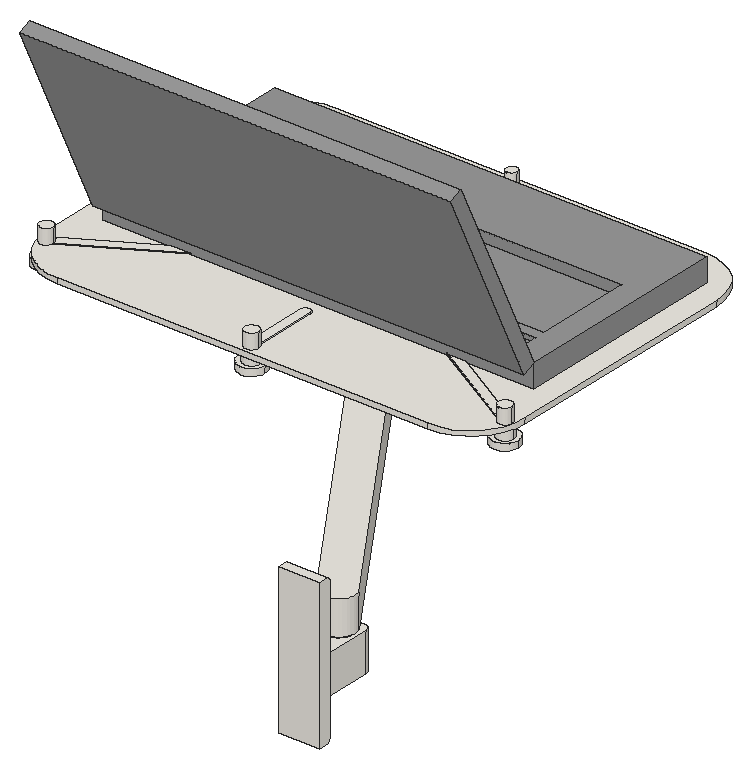
Revit family "Midmark - Laptop and Tray for Wall Mount X-Ray", category Specialty Equipment, Revit 2017
Family settings
  Round Connector Dimension = Use Diameter
  Part Type = Normal
  Work Plane-Based = No
  Always vertical = Yes
  Cut with Voids When Loaded = No
  Shared = No
  Room Calculation Point = No
Parameters (values of type "Laptop and Tray")
  Type Comments = "Laptop Tray for Wall Mount X-Ray"
  Tray Width = 1' - 5 3/4"
  Tray Legth = 1' - 0 7/8"
  Tray Height = 0' - 0.19"
  Model = "ASAW-GT & 30-08180"
  Tray Material = Midmark - White
  Manufacturer = "Midmark"
  Laptop [instance] = yes
  Keynote = ""
  Height = 2' - 7"
  Frame Material = Midmark - White
  Extended Arm = yes
  Description = ""
  Allowance = ""
Reference planes (in)
  plane 1 "Center (Front/Back)": y = 0
  plane 2: z = 0
  plane 3 "Center (Left/Right)": x = 0
  plane 4: z = 2
  plane 5: z = 5
  plane 6: z = 30.81
  plane 7: z = 31
  plane 8: x = -8.875
  plane 9: y = 6.4375
  plane 10: x = 8.875
  plane 11: y = -6.4375
Forms (in)
  Extrusion 1, solid, material "Midmark - White" <- "Tray Material"
    sketch origin (0, 0, 0) x (1, 0, 0) y (0, 1, 0)
      loop
        arc (-6.875, 6.4375) -> (-8.28921, 5.85171) -> (-8.875, 4.4375) r 2
        line (-8.875, 4.4375) -> (-8.875, -4.4375)
        arc (-8.875, -4.4375) -> (-8.28921, -5.85171) -> (-6.875, -6.4375) r 2
        line (-6.875, -6.4375) -> (6.875, -6.4375)
        arc (6.875, -6.4375) -> (8.28921, -5.85171) -> (8.875, -4.4375) r 2
        line (8.875, -4.4375) -> (8.875, 4.4375)
        arc (8.875, 4.4375) -> (8.28921, 5.85171) -> (6.875, 6.4375) r 2
        line (6.875, 6.4375) -> (-6.875, 6.4375)
      loop
        arc (-8.375, -4.4375) -> (-7.93566, -5.49816) -> (-6.875, -5.9375) r 1.5
        line (-6.875, -5.9375) -> (6.875, -5.9375)
        arc (6.875, -5.9375) -> (7.93566, -5.49816) -> (8.375, -4.4375) r 1.5
        line (8.375, -4.4375) -> (8.375, 4.4375)
        arc (8.375, 4.4375) -> (7.93566, 5.49816) -> (6.875, 5.9375) r 1.5
        line (6.875, 5.9375) -> (-6.875, 5.9375)
        arc (-6.875, 5.9375) -> (-7.93566, 5.49816) -> (-8.375, 4.4375) r 1.5
        line (-8.375, 4.4375) -> (-8.375, -4.4375)
    from 30.81 to 31
  Extrusion 2, solid, material "Midmark - White" <- "Tray Material"
    sketch origin (0, 0, 0) x (1, 0, 0) y (0, 1, 0)
      loop
        arc (-6.875, 5.9375) -> (-7.93566, 5.49816) -> (-8.375, 4.4375) r 1.5
        line (-8.375, 4.4375) -> (-8.375, -4.4375)
        arc (-8.375, -4.4375) -> (-7.93566, -5.49816) -> (-6.875, -5.9375) r 1.5
        line (-6.875, -5.9375) -> (6.875, -5.9375)
        arc (6.875, -5.9375) -> (7.93566, -5.49816) -> (8.375, -4.4375) r 1.5
        line (8.375, -4.4375) -> (8.375, 4.4375)
        arc (8.375, 4.4375) -> (7.93566, 5.49816) -> (6.875, 5.9375) r 1.5
        line (6.875, 5.9375) -> (-6.875, 5.9375)
    from 30.81 to 31
  Extrusion 3, solid, material "Midmark - White" <- "Tray Material"
    sketch origin (0, 0, 0) x (1, 0, 0) y (0, 1, 0)
      loop
        circle (8.50168, -4.9083) r 0.25
      loop
        circle (0.001, 6.03055) r 0.19844
      loop
        circle (0.0026, -6.0293) r 0.25
      loop
        circle (-8.50392, -4.9095) r 0.25
    from 31 to 31.531
  Extrusion 4, solid, material "Midmark - White" <- "Tray Material"
    sketch origin (0, 0, 0) x (1, 0, 0) y (0, 1, 0)
      loop
        circle (0.00233, -6.02929) r 0.5
      loop
        circle (-8.50159, -4.91327) r 0.5
      loop
        circle (0.00808, 6.03385) r 0.5
      loop
        circle (8.49207, -4.90318) r 0.5
    from 30.25 to 30.5
  Extrusion 5, solid, material "Midmark - White" <- "Tray Material"
    sketch origin (0, 0, 0) x (1, 0, 0) y (0, 1, 0)
      loop
        circle (0.00138, -6.0308) r 0.31378
      loop
        circle (-8.50323, -4.90523) r 0.31378
      loop
        circle (-0.00294, 6.03525) r 0.31378
      loop
        circle (8.50879, -4.91049) r 0.31378
    from 30.5 to 30.81
  Extrusion 6, solid, material "Midmark - White" <- "Tray Material"
    sketch origin (0, 0, 0) x (1, 0, 0) y (0, 1, 0)
      loop
        line (-8.26048, -4.96766) -> (-4.41406, -2.74692)
        arc (-4.41406, -2.74692) -> (-4.35115, -2.51214) -> (-4.58594, -2.44923) r 0.17187
        line (-4.58594, -2.44923) -> (-8.43236, -4.66996)
        arc (-8.43236, -4.66996) -> (-8.28563, -4.78371) -> (-8.26048, -4.96766) r 0.24551
    from 31 to 31.04459
  Extrusion 7, solid, material "Midmark - White" <- "Tray Material"
    sketch origin (0, 0, 0) x (-1, 0, 0) y (0, -1, 0)
      loop
        arc (-8.26048, 4.96766) -> (-8.28563, 4.78371) -> (-8.43236, 4.66996) r 0.24551
        line (-8.43236, 4.66996) -> (-4.58594, 2.44923)
        arc (-4.58594, 2.44923) -> (-4.35115, 2.51214) -> (-4.41406, 2.74692) r 0.17187
        line (-4.41406, 2.74692) -> (-8.26048, 4.96766)
    from 31 to 31.04459
  Extrusion 8, solid, material "Midmark - White" <- "Tray Material"
    sketch origin (0, 0, 0) x (1, 0, 0) y (0, 1, 0)
      loop
        line (0.17188, -5.85025) -> (0.17188, -3.53125)
        arc (0.17188, -3.53125) -> (0, -3.35938) -> (-0.17187, -3.53125) r 0.17188
        line (-0.17187, -3.53125) -> (-0.17187, -5.85025)
        arc (-0.17187, -5.85025) -> (0, -5.77801) -> (0.17188, -5.85025) r 0.24059
    from 31 to 31.04297
  Extrusion 9, solid, material "Midmark - White" <- "Tray Material"
    sketch origin (0, 0, 0) x (1, 0, 0) y (0, 1, 0)
      loop
        arc (0.17188, 5.85025) -> (0, 5.77801) -> (-0.17187, 5.85025) r 0.24059
        line (-0.17187, 5.85025) -> (-0.17187, 3.53125)
        arc (-0.17187, 3.53125) -> (0, 3.35938) -> (0.17188, 3.53125) r 0.17188
        line (0.17188, 3.53125) -> (0.17188, 5.85025)
    from 31 to 31.04297
  Extrusion 10, void
    sketch origin (0, 0, 0) x (1, 0, 0) y (0, 1, 0)
      loop
        circle (0, 0.5933) r 0.2015
      loop
        circle (0, -0.59432) r 0.2015
      loop
        circle (-0.59453, 0.00004) r 0.2015
      loop
        circle (0.59623, 0.00319) r 0.2015
    from 30.95979 to 31
  Extrusion 11, solid, material "Midmark - White" <- "Frame Material"
    sketch origin (0, 0, 0) x (1, 0, 0) y (0, 1, 0)
      loop
        line (-0.3048, 0.75586) -> (-0.75697, 0.30369)
        arc (-0.75697, 0.30369) -> (-0.57654, -0.57654) -> (0.30369, -0.75697) r 0.81579
        line (0.30369, -0.75697) -> (0.75586, -0.3048)
        arc (0.75586, -0.3048) -> (0.57595, 0.57595) -> (-0.3048, 0.75586) r 0.81531
    from 30.228 to 30.81
  Extrusion 12, solid, material "Midmark - White" <- "Frame Material"
    sketch origin (0, 0, 0) x (1, 0, 0) y (0, 1, 0)
      loop
        circle (0.00289, -0.0007) r 0.61308
    from 28.5238 to 28.7559
  Extrusion 13, solid, material "Midmark - White" <- "Frame Material"
    sketch origin (-0.00121, 0.00378, 0) x (1, 0, 0) y (0, 1, 0)
      loop
        circle (0.00289, -0.0007) r 0.5
    from 30.0059 to 30.228
  Extrusion 14, solid, material "Midmark - White" <- "Frame Material"
    sketch origin (0, 0, 0) x (1, 0, 0) y (0, 1, 0)
      loop
        arc (0.41835, 0.49475) -> (-0.35544, 0.51717) -> (-0.61181, -0.21326) r 0.65598
        line (-0.61181, -0.21326) -> (9.42296, -14.81394)
        arc (9.42296, -14.81394) -> (10.19666, -14.83624) -> (10.45312, -14.10593) r 0.65605
        line (10.45312, -14.10593) -> (0.41835, 0.49475)
    from 28.7559 to 30.0059
  Extrusion 15, solid, material "Midmark - White" <- "Frame Material"
    sketch origin (0, 0, 0) x (1, 0, 0) y (0, 1, 0)
      loop
        line (9.12131, -15.63119) -> (10.56131, -15.63119) -> (10.56131, -13.94369)
        arc (10.56131, -13.94369) -> (10.47857, -13.74393) -> (10.27881, -13.66119) r 0.2825
        line (10.27881, -13.66119) -> (9.40381, -13.66119)
        arc (9.40381, -13.66119) -> (9.20405, -13.74393) -> (9.12131, -13.94369) r 0.2825
        line (9.12131, -13.94369) -> (9.12131, -15.63119)
    from 27.2589 to 28.6939
  Extrusion 16, solid, material "Midmark - White" <- "Frame Material"
    sketch origin (0, 0, 0) x (1, 0, 0) y (0, 1, 0)
      loop
        circle (9.83682, -14.321) r 0.56262
    from 28.6939 to 28.7559
  Extrusion 17, solid, material "Midmark - White" <- "Frame Material"
    sketch origin (0, 0, 0) x (0, 1, 0) y (0, 0, 1)
      loop
        line (-15.63119, 25.8839) -> (-15.63119, 31.1339) -> (-15.75619, 31.2589) -> (-16.13119, 31.2589) -> (-16.13119, 25.7589) -> (-15.75619, 25.7589) -> (-15.63119, 25.8839)
    from 9.09131 to 10.59131
  Extrusion 18, solid, material "Midmark - White" <- "Frame Material"
    sketch origin (0, 0, 0) x (1, 0, 0) y (0, 1, 0)
      loop
        circle (9.83484, -14.32919) r 0.38439
    from 27.1449 to 27.2589
Cuts and joins
  joined: Extrusion 1, Extrusion 2
Dimensions and locks (in)
  plane 5 to plane 4 to level = 0' - 3", 0' - 2"
  "Tray Height": plane 7 to plane 6
  "Height": plane 7 to level
  equal spacing: plane 8, plane 3 "Center (Left/Right)", plane 10
  equal spacing: plane 11, plane 1 "Center (Front/Back)", plane 9
  "Tray Width": plane 8 to plane 10
  "Tray Legth": plane 9 to plane 11
  Extrusion 6 to cut or joined group of Extrusion 1, Extrusion 2 = 0' - 0.04459"
  aligned and locked: plane 2 to level
  aligned and locked: Extrusion 1 sketch curve to plane 9
  aligned and locked: plane 8 to Extrusion 1 sketch curve
  aligned and locked: Extrusion 1 sketch curve to plane 11
  aligned and locked: Extrusion 1 sketch curve to plane 10
  aligned and locked: plane 6 to Extrusion 1
  aligned and locked: Extrusion 1 to plane 7
  aligned and locked: plane 6 to Extrusion 2
Automatic sketch dimensions
  Extrusion 1 sketch curve to Extrusion 1 sketch curve = 0' - 0"  (x8)
  Extrusion 1 sketch curve to Extrusion 1 sketch curve = 0' - 0 1/2"
  Extrusion 1 sketch curve to Extrusion 1 sketch curve = 0' - 1 1/2"  (x3)
  Extrusion 1 sketch curve to plane 10 = 0' - 2"
  plane 8 to Extrusion 2 sketch curve = 0' - 0 1/2"
  Extrusion 2 sketch curve to Extrusion 2 sketch curve = 0' - 1 1/2"  (x2)
  Extrusion 2 sketch curve to plane 11 = 0' - 0 1/2"
  Extrusion 2 sketch curve to plane 10 = 0' - 2"  (x2)
  Extrusion 2 sketch curve to plane 9 = 0' - 0 1/2"
  Extrusion 2 sketch curve to plane 10 = 0' - 0 1/2"
  plane 8 to Extrusion 3 sketch curve = 0' - 0 95/256"
  plane 3 "Center (Left/Right)" to Extrusion 3 sketch curve = 0' - 0.001"
  plane 3 "Center (Left/Right)" to Extrusion 3 sketch curve = 0' - 0.0026"
  Extrusion 3 sketch curve to plane 10 = 0' - 0.37332"
  Extrusion 3 sketch curve to plane 11 = 0' - 0.4082"
  Extrusion 3 sketch curve to plane 11 = 0' - 1.528"
  Extrusion 3 sketch curve to plane 11 = 0' - 1.5292"
  Extrusion 3 sketch curve to plane 9 = 0' - 0.40695"
  plane 8 to Extrusion 4 sketch curve = 0' - 0.37341"
  plane 3 "Center (Left/Right)" to Extrusion 4 sketch curve = 0' - 0.00233"
  plane 3 "Center (Left/Right)" to Extrusion 4 sketch curve = 0' - 0.00808"
  Extrusion 4 sketch curve to plane 10 = 0' - 0.38293"
  Extrusion 4 sketch curve to plane 11 = 0' - 0.40821"
  Extrusion 4 sketch curve to plane 11 = 0' - 1.52423"
  Extrusion 4 sketch curve to plane 11 = 0' - 1.53432"
  Extrusion 4 sketch curve to plane 9 = 0' - 0.40365"
  plane 8 to Extrusion 5 sketch curve = 0' - 0.37177"
  Extrusion 5 sketch curve to plane 3 "Center (Left/Right)" = 0' - 0.00294"
  plane 3 "Center (Left/Right)" to Extrusion 5 sketch curve = 0' - 0.00138"
  Extrusion 5 sketch curve to plane 10 = 0' - 0.36621"
  Extrusion 5 sketch curve to plane 11 = 0' - 0.4067"
  Extrusion 5 sketch curve to plane 11 = 0' - 1.52701"
  Extrusion 5 sketch curve to plane 11 = 0' - 1.53227"
  Extrusion 5 sketch curve to plane 9 = 0' - 0.40225"
  plane 8 to Extrusion 6 sketch curve = 0' - 0.37675"
  Extrusion 6 sketch curve to Extrusion 6 sketch curve = 0' - 0.06589"
  Extrusion 6 sketch curve to Extrusion 6 sketch curve = 0' - 0.23776"
  plane 8 to Extrusion 6 sketch curve = 0' - 4 37/128"
  Extrusion 6 sketch curve to Extrusion 6 sketch curve = 0' - 0 11/128"  (x2)
  plane 1 "Center (Front/Back)" to Extrusion 6 sketch curve = 0' - 2.74692"
  Extrusion 6 sketch curve to plane 11 = 0' - 1.76754"
  Extrusion 6 sketch curve to Extrusion 6 sketch curve = 0' - 0.2365"
  Extrusion 6 sketch curve to Extrusion 6 sketch curve = 0' - 0.14885"
  plane 10 to Extrusion 7 sketch curve = 0' - 0.37675"
  Extrusion 7 sketch curve to Extrusion 7 sketch curve = 0' - 0.06589"
  Extrusion 7 sketch curve to Extrusion 7 sketch curve = 0' - 0.23776"
  plane 10 to Extrusion 7 sketch curve = 0' - 4 37/128"
  Extrusion 7 sketch curve to Extrusion 7 sketch curve = 0' - 0 11/128"  (x2)
  Extrusion 7 sketch curve to plane 1 "Center (Front/Back)" = 0' - 2.74692"
  plane 11 to Extrusion 7 sketch curve = 0' - 1.76754"
  Extrusion 7 sketch curve to Extrusion 7 sketch curve = 0' - 0.2365"
  Extrusion 7 sketch curve to Extrusion 7 sketch curve = 0' - 0.14885"
  Extrusion 8 sketch curve to plane 3 "Center (Left/Right)" = 0' - 0"  (x2)
  Extrusion 8 sketch curve to plane 3 "Center (Left/Right)" = 0' - 0 11/64"
  Extrusion 8 sketch curve to plane 11 = 0' - 0.4189"
  Extrusion 8 sketch curve to Extrusion 8 sketch curve = 0' - 0.16835"
  Extrusion 8 sketch curve to Extrusion 8 sketch curve = 0' - 2.319"
  Extrusion 9 sketch curve to plane 3 "Center (Left/Right)" = 0' - 0"  (x2)
  plane 3 "Center (Left/Right)" to Extrusion 9 sketch curve = 0' - 0 11/64"
  plane 9 to Extrusion 9 sketch curve = 0' - 0.4189"
  Extrusion 9 sketch curve to Extrusion 9 sketch curve = 0' - 0.16835"
  Extrusion 9 sketch curve to Extrusion 9 sketch curve = 0' - 2.319"
  Extrusion 10 sketch curve to plane 3 "Center (Left/Right)" = 0' - 0"  (x2)
  Extrusion 10 sketch curve to plane 1 "Center (Front/Back)" = 0' - 0.00004"
  Extrusion 10 sketch curve to plane 3 "Center (Left/Right)" = 0' - 0.59453"
  Extrusion 10 sketch curve to plane 1 "Center (Front/Back)" = 0' - 0.00319"
  plane 3 "Center (Left/Right)" to Extrusion 10 sketch curve = 0' - 0.59623"
  plane 1 "Center (Front/Back)" to Extrusion 10 sketch curve = 0' - 0.59432"
  Extrusion 10 sketch curve to plane 1 "Center (Front/Back)" = 0' - 0.5933"
  Extrusion 11 sketch curve to plane 3 "Center (Left/Right)" = 0' - 0.00056"
  plane 3 "Center (Left/Right)" to Extrusion 11 sketch curve = 0' - 0.0003"
  plane 3 "Center (Left/Right)" to Extrusion 11 sketch curve = 0' - 0.30369"
  plane 1 "Center (Front/Back)" to Extrusion 11 sketch curve = 0' - 0.3048"
  Extrusion 11 sketch curve to Extrusion 11 sketch curve = 0' - 0.45217"  (x2)
  plane 1 "Center (Front/Back)" to Extrusion 11 sketch curve = 0' - 0.00056"
  Extrusion 11 sketch curve to plane 1 "Center (Front/Back)" = 0' - 0.0003"
  Extrusion 11 sketch curve to plane 3 "Center (Left/Right)" = 0' - 0.3048"
  Extrusion 11 sketch curve to plane 1 "Center (Front/Back)" = 0' - 0.30369"
  plane 1 "Center (Front/Back)" to Extrusion 12 sketch curve = 0' - 0.0007"
  plane 3 "Center (Left/Right)" to Extrusion 12 sketch curve = 0' - 0.00289"
  plane 3 "Center (Left/Right)" to Extrusion 13 sketch curve = 0' - 0.00168"
  Extrusion 13 sketch curve to plane 1 "Center (Front/Back)" = 0' - 0.00309"
  plane 1 "Center (Front/Back)" to Extrusion 14 sketch curve = 0' - 0.21326"
  Extrusion 14 sketch curve to plane 3 "Center (Left/Right)" = 0' - 0.61181"
  plane 3 "Center (Left/Right)" to Extrusion 14 sketch curve = 0' - 0.01611"
  plane 10 to Extrusion 14 sketch curve = 0' - 0.54796"
  Extrusion 14 sketch curve to Extrusion 14 sketch curve = 0' - 0.40211"
  plane 11 to Extrusion 14 sketch curve = 0' - 7.85807"
  Extrusion 14 sketch curve to Extrusion 14 sketch curve = 0' - 0.51837"
  plane 1 "Center (Front/Back)" to Extrusion 14 sketch curve = 0' - 0 3/128"
  plane 3 "Center (Left/Right)" to Extrusion 14 sketch curve = 0' - 0.41835"
  Extrusion 14 sketch curve to Extrusion 14 sketch curve = 0' - 0.62805"
  plane 10 to Extrusion 15 sketch curve = 0' - 0.24631"
  Extrusion 15 sketch curve to Extrusion 15 sketch curve = 0' - 0.2825"  (x2)
  Extrusion 15 sketch curve to Extrusion 15 sketch curve = 0' - 0 7/8"
  plane 11 to Extrusion 15 sketch curve = 0' - 7.50619"
  Extrusion 15 sketch curve to Extrusion 15 sketch curve = 0' - 1 11/16"
  plane 10 to Extrusion 16 sketch curve = 0' - 0.96182"
  plane 11 to Extrusion 16 sketch curve = 0' - 7.8835"
  Extrusion 17 sketch curve to plane 7 = 0' - 0.2589"
  plane 11 to Extrusion 17 sketch curve = 0' - 9.69369"
  Extrusion 17 sketch curve to Extrusion 17 sketch curve = 0' - 0 3/8"
  Extrusion 17 sketch curve to Extrusion 17 sketch curve = 0' - 0 1/8"  (x3)
  Extrusion 17 sketch curve to plane 7 = 0' - 0.1339"
  plane 6 to Extrusion 17 sketch curve = 0' - 5.0511"
  plane 10 to Extrusion 18 sketch curve = 0' - 0.95984"
  plane 11 to Extrusion 18 sketch curve = 0' - 7.89169"
  radius of Extrusion 3 sketch curve = 0' - 0 1/4"  (x3)
  radius of Extrusion 3 sketch curve = 0' - 0.19844"
  radius of Extrusion 4 sketch curve = 0' - 0 1/2"  (x4)
  radius of Extrusion 5 sketch curve = 0' - 0.31378"  (x4)
  radius of Extrusion 10 sketch curve = 0' - 0.2015"  (x4)
  radius of Extrusion 12 sketch curve = 0' - 0.61308"
  radius of Extrusion 13 sketch curve = 0' - 0 1/2"
  radius of Extrusion 16 sketch curve = 0' - 0.56262"
  radius of Extrusion 18 sketch curve = 0' - 0.38439"
Nested families (in)
  nested 1: "Midmark - Laptop for Digital Dental X-Ray" at (-6.75915, -2.93459, -5), visible <- "Laptop", type "Standard"
    with Desk Height 3' - 0"
Definition of nested family "Midmark - Laptop for Digital Dental X-Ray"
  Parameters (values of type "Standard")
    Type Comments = "Laptop"
    Model = "30-08180"
    Manufacturer Phone = ""
    Manufacturer Address = ""
    Manufacturer = "Midmark"
    Desk Height [instance] = 3' - 0"
    Description = ""
    Computer Keyboard Material = none
    Allowance = ""
  Reference planes (in)
    plane 1 "Center (Front/Back)": y = 0
    plane 2: z = 0
    plane 3 "Center (Left/Right)": x = 0
    plane 4 "right": x = 14.75175
    plane 5: x = -1.24115
    plane 6: y = 8
    plane 7 "desk": z = 36
  Forms (in)
    Extrusion 1, solid, material <- "Computer Keyboard Material"
      sketch origin (0, 1.18875, -36) x (0, 1, 0) y (0, 0, 1)
        loop
          line (6.81125, 72.86494) -> (-1.18875, 72.86494) -> (-1.18875, 72) -> (6.81125, 72) -> (6.81125, 72.86494)
      from -1.24115 to 14.75175
    Extrusion 2, void
      sketch origin (0, 0, 36) x (-1, 0, 0) y (0, -1, 0)
        loop
          line (-4.63365, -5.17744) -> (-4.63365, -1.5595) -> (-13.88365, -1.5595) -> (-13.88365, -5.17744) -> (-4.63365, -5.17744)
      from 0.48252 to 1.38985
    Extrusion 3, void
      sketch origin (0, 0, 36) x (-1, 0, 0) y (0, -1, 0)
        loop
          line (-2.44615, -1.18875) -> (-2.44615, -0.52654) -> (-13.88365, -0.52654) -> (-13.88365, -1.18875) -> (-2.44615, -1.18875)
      from 0.71155 to 1.38985
    Extrusion 4, void
      sketch origin (0, 0, 36) x (-1, 0, 0) y (0, -1, 0)
        loop
          line (-2.44615, -5.17744) -> (-2.44615, -1.5595) -> (-4.19615, -1.5595) -> (-4.19615, -5.17744) -> (-2.44615, -5.17744)
      from 0.48252 to 1.38985
    Extrusion 5, void
      sketch origin (0, 0, 36) x (-1, 0, 0) y (0, -1, 0)
        loop
          line (0.36635, -5.17744) -> (0.36635, -1.5595) -> (-2.00865, -1.5595) -> (-2.00865, -5.17744) -> (0.36635, -5.17744)
      from 0.48252 to 1.38985
    Extrusion 6, solid
      sketch origin (0, 0, 0) x (0, 1, 0) y (0, 0, 1)
        loop
          line (0, 36.86494) -> (-3.38095, 44.1154) -> (-3.8341, 43.90409) -> (-0.45315, 36.65363) -> (0, 36.86494)
      from -1.24115 to 14.75175
  Cuts and joins
    Extrusion 2, Extrusion 3, Extrusion 4, Extrusion 5 cuts Extrusion 1
  Dimensions and locks (in)
    "Desk Height": plane 7 "desk" to level
    plane 5 to plane 4 "right" = 1' - 3.9929"
    plane 6 to plane 1 "Center (Front/Back)" = 0' - 8"
    plane 1 "Center (Front/Back)" to cut or joined group of Extrusion 1, Extrusion 2, Extrusion 3, Extrusion 4, Extrusion 5 = 0' - 8"
    aligned and locked: cut or joined group of Extrusion 1, Extrusion 2, Extrusion 3, Extrusion 4, Extrusion 5 to Extrusion 6
    aligned and locked: Extrusion 6 to cut or joined group of Extrusion 1, Extrusion 2, Extrusion 3, Extrusion 4, Extrusion 5
    aligned and locked: plane 6 to Extrusion 1
  Automatic sketch dimensions
    Extrusion 6 sketch curve to plane 1 "Center (Front/Back)" = 0' - 0"
    plane 1 "Center (Front/Back)" to Extrusion 6 sketch curve = 0' - 0.45315"
    plane 1 "Center (Front/Back)" to Extrusion 6 sketch curve = 0' - 3.38095"
    level to Extrusion 6 sketch curve = 3' - 0.65363"
    Extrusion 6 sketch curve to Extrusion 6 sketch curve = 0' - 0.21131"
    Extrusion 1 sketch curve to plane 1 "Center (Front/Back)" = 0' - 0"
    Extrusion 1 sketch curve to plane 6 = 0' - 0"
    Extrusion 1 sketch curve to plane 7 "desk" = 0' - 0"
    plane 7 "desk" to Extrusion 1 sketch curve = 0' - 0.86494"
    plane 4 "right" to Extrusion 2 sketch curve = 0' - 0.8681"
    plane 3 "Center (Left/Right)" to Extrusion 2 sketch curve = 0' - 4.63365"
    Extrusion 2 sketch curve to plane 6 = 0' - 2.82256"
    Extrusion 2 sketch curve to plane 1 "Center (Front/Back)" = 0' - 1.5595"
    plane 3 "Center (Left/Right)" to Extrusion 4 sketch curve = 0' - 4.19615"
    Extrusion 4 sketch curve to Extrusion 4 sketch curve = 0' - 1 3/4"
    Extrusion 4 sketch curve to plane 6 = 0' - 2.82256"
    Extrusion 4 sketch curve to plane 1 "Center (Front/Back)" = 0' - 1.5595"
    plane 4 "right" to Extrusion 3 sketch curve = 0' - 0.8681"
    Extrusion 3 sketch curve to plane 1 "Center (Front/Back)" = 0' - 1.18875"
    plane 3 "Center (Left/Right)" to Extrusion 3 sketch curve = 0' - 2.44615"
    Extrusion 3 sketch curve to plane 1 "Center (Front/Back)" = 0' - 0.52654"
    plane 3 "Center (Left/Right)" to Extrusion 5 sketch curve = 0' - 2.00865"
    Extrusion 5 sketch curve to plane 3 "Center (Left/Right)" = 0' - 0.36635"
    Extrusion 5 sketch curve to plane 6 = 0' - 2.82256"
    Extrusion 5 sketch curve to plane 1 "Center (Front/Back)" = 0' - 1.5595"
